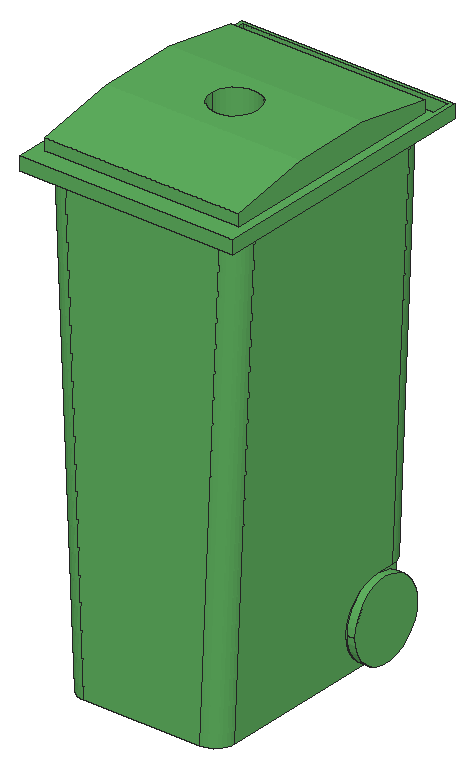
Revit family
Parameters
  Width = 400 mm
  Height = 1200 mm
  Breadth = 600 mm
Reference planes
  plane 1 "Center (Front/Back)": y = -52.899
  plane 2: z = 0
  plane 3 "Center (Left/Right)": x = -28.556
  plane 4: y = 247.101
  plane 5: y = -352.899
  plane 6: x = -228.556
  plane 7: x = 171.444
  plane 8: z = 1200
  plane 9 "Base of Bin": z = 50
  plane 10: y = 312.101
Forms (mm)
  Blend 1, solid, material "Plastic - Green"
    base sketch origin (0, 0, 50) x (0, -1, 0) y (1, 0, 0)
      loop
        line (352.899, -178.556) -> (352.899, 121.444)
        arc (352.899, 121.444) -> (338.255, 156.8) -> (302.899, 171.444) r 50
        line (302.899, 171.444) -> (-197.101, 171.444)
        arc (-197.101, 171.444) -> (-232.456, 156.8) -> (-247.101, 121.444) r 50
        line (-247.101, 121.444) -> (-247.101, -178.556)
        arc (-247.101, -178.556) -> (-232.456, -213.911) -> (-197.101, -228.556) r 50
        line (-197.101, -228.556) -> (302.899, -228.556)
        arc (302.899, -228.556) -> (338.255, -213.911) -> (352.899, -178.556) r 50
    top sketch origin (0, 0, 50) x (0, -1, 0) y (1, 0, 0)
      loop
        line (352.899, -228.556) -> (352.899, 171.444)
        arc (352.899, 171.444) -> (338.255, 206.8) -> (302.899, 221.444) r 50
        line (302.899, 221.444) -> (-197.101, 221.444)
        arc (-197.101, 221.444) -> (-232.456, 206.8) -> (-247.101, 171.444) r 50
        line (-247.101, 171.444) -> (-247.101, -228.556)
        arc (-247.101, -228.556) -> (-232.456, -263.911) -> (-197.101, -278.556) r 50
        line (-197.101, -278.556) -> (302.899, -278.556)
        arc (302.899, -278.556) -> (338.255, -263.911) -> (352.899, -228.556) r 50
    from -50 to 1150
  Extrusion 2, solid, material "Plastic - Green"
    sketch origin (0, 0, 1200) x (0, -1, 0) y (-1, 0, 0)
      loop
        line (402.899, 303.556) -> (-312.101, 303.556) -> (-312.101, -246.444) -> (402.899, -246.444) -> (402.899, 303.556)
    from 0 to -35
  Extrusion 3, solid, material "Plastic - Green"
    sketch origin (-228.556, 510.656, 50) x (0, 1, 0) y (0, 0, -1)
      loop
        circle (-363.556, -50) r 100
    from 0 to 30
  Extrusion 4, solid, material "Plastic - Green"
    sketch origin (171.444, 510.656, 50) x (0, 1, 0) y (0, 0, 1)
      loop
        circle (-363.556, 50) r 100
    from 0 to 30
  Extrusion 5, solid, material "Plastic - Green"
    sketch origin (-28.556, 0, 0) x (0, 1, 0) y (0, 0, 1)
      loop
        line (247.101, 1235) -> (247.101, 1265)
        arc (247.101, 1265) -> (-52.899, 1304.313) -> (-352.899, 1265) r 1164.313
        line (-352.899, 1265) -> (-352.899, 1235) -> (247.101, 1235)
    from -250 to 250
  Extrusion 6, void
    sketch origin (171.444, 0, 0) x (0, -1, 0) y (0, 0, -1)
      loop
        arc (-147.101, -200) -> (-47.101, -100) -> (-147.101, 0) r 100
        line (-147.101, 0) -> (-247.101, 0) -> (-247.101, -200) -> (-147.101, -200)
    from -20 to 10
  Extrusion 7, void
    sketch origin (-228.556, 0, 0) x (0, -1, 0) y (0, 0, 1)
      loop
        line (-147.101, 200) -> (-247.101, 200) -> (-247.101, 0) -> (-147.101, 0)
        arc (-147.101, 0) -> (-47.101, 100) -> (-147.101, 200) r 100
    from -20 to 10
  Extrusion 8, void
    sketch origin (0, 0, 1200) x (-1, 0, 0) y (0, -1, 0)
      loop
        circle (28.556, 52.899) r 60
    from -250 to 250
  Extrusion 9, void
    sketch origin (0, 0, 1200) x (-1, 0, 0) y (0, -1, 0)
      loop
        line (-236.444, -302.101) -> (293.556, -302.101) -> (293.556, -257.101) -> (-236.444, -257.101) -> (-236.444, -302.101)
    from -250 to 250
Cuts and joins
  Extrusion 6, Extrusion 7, Extrusion 8, Extrusion 9 cuts Blend 1
  Extrusion 6, Extrusion 7, Extrusion 8, Extrusion 9 cuts Extrusion 2
  Extrusion 6, Extrusion 7, Extrusion 8, Extrusion 9 cuts Extrusion 3
  Extrusion 6, Extrusion 7, Extrusion 8, Extrusion 9 cuts Extrusion 4
  Extrusion 6, Extrusion 7, Extrusion 8, Extrusion 9 cuts Extrusion 5
Dimensions and locks
  equal spacing: plane 6, plane 3 "Center (Left/Right)", plane 7
  equal spacing: plane 5, plane 1 "Center (Front/Back)", plane 4
  "Width": plane 6 to plane 7
  "Breadth": plane 5 to plane 4
  "Height": plane 8 to level
  Extrusion 2 to plane 8 = 35 mm
  locked: cut or joined group of Extrusion 3, Extrusion 6, Extrusion 7, Extrusion 8, Extrusion 9 to plane 6 at 10  (x2)
  locked: plane 7 to cut or joined group of Extrusion 4, Extrusion 6, Extrusion 7, Extrusion 8, Extrusion 9 at 10
  locked: Extrusion 9 sketch curve to cut or joined group of Extrusion 2, Extrusion 6, Extrusion 7, Extrusion 8, Extrusion 9 at 10
  locked: cut or joined group of Extrusion 2, Extrusion 6, Extrusion 7, Extrusion 8, Extrusion 9 to Extrusion 9 sketch curve at 10
  locked: Extrusion 9 sketch curve to plane 10 at 10
  locked: plane 4 to Extrusion 9 sketch curve at 10
  locked: cut or joined group of Blend 1, Extrusion 6, Extrusion 7, Extrusion 8, Extrusion 9 to plane 7 at 20
  locked: plane 6 to cut or joined group of Blend 1, Extrusion 6, Extrusion 7, Extrusion 8, Extrusion 9 at 20
  locked: cut or joined group of Extrusion 4, Extrusion 6, Extrusion 7, Extrusion 8, Extrusion 9 to plane 7 at 10
  locked: cut or joined group of Extrusion 4, Extrusion 6, Extrusion 7, Extrusion 8, Extrusion 9 to plane 7 at 30
  locked: cut or joined group of Extrusion 3, Extrusion 6, Extrusion 7, Extrusion 8, Extrusion 9 to plane 6 at 30
  locked: Extrusion 2 sketch curve to plane 5 at 50
  locked: Extrusion 2 sketch curve to plane 6 at 75
  locked: plane 7 to Extrusion 2 sketch curve at 75
  locked: plane 4 to plane 10 at 65
  radius of Extrusion 8 sketch curve = 60 mm
  aligned and locked: Blend 1 to plane 8
  aligned and locked: Blend 1 sketch curve to plane 7
  aligned and locked: Blend 1 to level
  aligned and locked: Extrusion 2 to plane 10
  aligned and locked: plane 1 "Center (Front/Back)" to Extrusion 8 sketch curve
  aligned and locked: plane 3 "Center (Left/Right)" to Extrusion 8 sketch curve
  aligned and locked: plane 7 to Extrusion 4
  aligned and locked: Extrusion 3 to plane 6
  aligned and locked: Extrusion 2 sketch curve to plane 10
Automatic sketch dimensions
  plane 4 to Blend 1 sketch curve = 0 mm
  Blend 1 sketch curve to Blend 1 sketch curve = 50 mm
  Blend 1 sketch curve to plane 1 "Center (Front/Back)" = 250 mm
  Blend 1 sketch curve to plane 5 = 50 mm  (x2)
  Blend 1 sketch curve to plane 5 = 0 mm  (x2)
  Blend 1 sketch curve to plane 6 = 0 mm  (x3)
  Blend 1 sketch curve to plane 4 = 0 mm
  Blend 1 sketch curve to plane 7 = 0 mm  (x2)
  plane 4 to Blend 1 sketch curve = 50 mm  (x2)
  plane 4 to Extrusion 3 sketch curve = 100 mm
  Extrusion 3 sketch curve to plane 9 "Base of Bin" = 50 mm
  plane 4 to Extrusion 4 sketch curve = 100 mm
  Extrusion 4 sketch curve to plane 9 "Base of Bin" = 50 mm
  Extrusion 5 sketch curve to plane 5 = 0 mm
  Extrusion 5 sketch curve to plane 1 "Center (Front/Back)" = 0 mm
  Extrusion 5 sketch curve to plane 4 = 0 mm
  Extrusion 5 sketch curve to plane 9 "Base of Bin" = 90 mm
  Extrusion 5 sketch curve to plane 8 = 35 mm
  Extrusion 5 sketch curve to Extrusion 5 sketch curve = 30 mm
  Extrusion 6 sketch curve to plane 4 = 0 mm
  Extrusion 6 sketch curve to level = 0 mm
  plane 4 to Extrusion 6 sketch curve = 100 mm
  Extrusion 6 sketch curve to plane 9 "Base of Bin" = 50 mm
  Extrusion 7 sketch curve to plane 4 = 0 mm
  Extrusion 7 sketch curve to level = 0 mm
  plane 4 to Extrusion 7 sketch curve = 100 mm
  Extrusion 7 sketch curve to plane 9 "Base of Bin" = 50 mm
  radius of Extrusion 3 sketch curve = 100 mm
  radius of Extrusion 4 sketch curve = 100 mm
